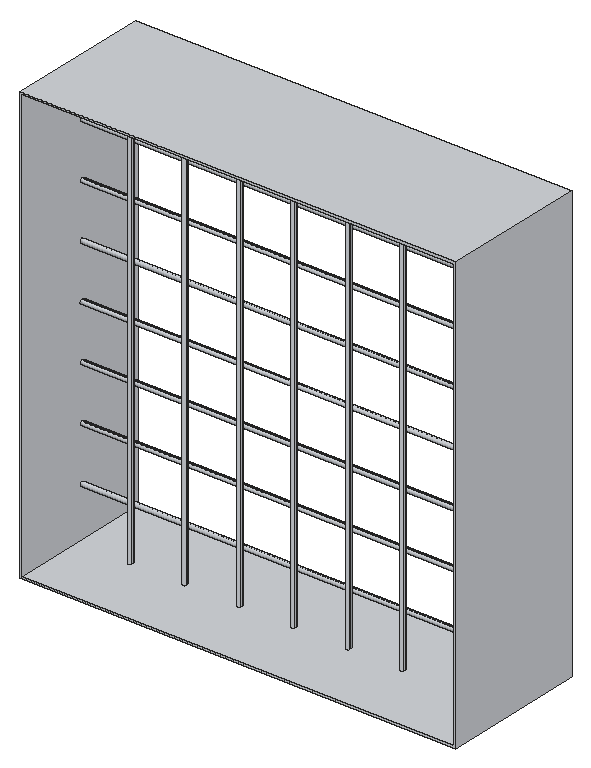
Revit family "BB-S", category Mechanical Equipment, Revit 2015
Parameters
  VBar Number [instance] = (Bar Width / 2) / Spacing  # 4
  URL = "https://unitedenertech.com/catalog/pdf/K_2%20BB-S.pdf"
  Type Comments = "Consult Factory for Max. Sizes"
  Spacing [instance] = 0' - 6"
  Model = "BB-S"
  Manufacturer = "United Enertech Corporation"
  Length (16" Standard) = 1' - 4"
  Keynote = "1-1/2\" x 1-1/2\" x 1/4\" Angles Ship Loose"
  HBar Number [instance] = (Bar Height / 2) / Spacing  # 4
  Exact Width = 4' - 0"
  Exact Height = 4' - 0"
  Description = "Security Bars"
  Bar Width [instance] = Exact Width - 0' 0 3/8"  # 3' - 11 5/8"
  Bar Height [instance] = Exact Height - 0' 0 3/8"  # 3' - 11 5/8"
Reference planes (in)
  plane 1 "Center (Front/Back)": y = 0
  plane 2: z = 0
  plane 3 "Center (Left/Right)": x = 0
  plane 4: z = 48
  plane 5: z = 24
  plane 6: x = -24
  plane 7: x = 24
  plane 8: y = 1.25
  plane 9: y = 0.75
  plane 10: x = -17.8125
  plane 11: z = 0.1875
  plane 12: z = 47.8125
  plane 13: x = -23.8125
  plane 14: x = 23.8125
  plane 15: y = 9
  plane 16: y = 1
  plane 17: y = -7
Forms (in)
  Extrusion 1, solid
    sketch origin (0, 0, 0) x (1, 0, 0) y (0, 0, 1)
      loop
        line (-24, 0) -> (24, 0) -> (24, 48) -> (-24, 48) -> (-24, 0)
      loop
        line (-23.8125, 0.1875) -> (23.8125, 0.1875) -> (23.8125, 47.8125) -> (-23.8125, 47.8125) -> (-23.8125, 0.1875)
    from -9 to 7
Dimensions and locks (in)
  equal spacing: plane 4, plane 5, level
  "Exact Height": plane 4 to level
  equal spacing: plane 6, plane 3 "Center (Left/Right)", plane 7
  "Exact Width": plane 6 to plane 7
  locked: plane 9 to plane 1 "Center (Front/Back)" at 0.75
  equal spacing: group 1, group 2, group 4, group 13  (x3)
  "Spacing": nested 1 to nested 3
  equal spacing: group 14, group 5, group 3, group 1
  equal spacing: group 1, group 3, group 5, group 14  (x2)
  "Spacing": nested 4 to nested 1
  equal spacing: group 6, group 7, group 8, group 11  (x2)
  equal spacing: group 11, group 8, group 7, group 6
  "Spacing": nested 2 to nested 7
  equal spacing: group 6, group 9, group 10, group 12  (x3)
  "Spacing": nested 9 to nested 2
  locked: plane 6 to plane 13 at 0.1875
  locked: plane 14 to plane 7 at 0.1875
  locked: plane 11 to level at 0.1875
  locked: plane 4 to plane 12 at 0.1875
  equal spacing: plane 8, plane 16, plane 9
  equal spacing: plane 17, plane 16, plane 15
  "Length (16" Standard)": plane 17 to plane 15
  aligned and locked: level to plane 2
  aligned and locked: plane 3 "Center (Left/Right)" to nested 1
  aligned and locked: nested 1 to plane 9
  aligned and locked: nested 2 to plane 8
  aligned and locked: plane 3 "Center (Left/Right)" to nested 2
  aligned and locked: plane 5 to nested 2
  aligned and locked: nested 1 to nested 3
  aligned and locked: nested 4 to nested 1
  aligned and locked: nested 7 to nested 2
  aligned and locked: nested 2 to nested 9
  aligned and locked: nested 1 to plane 11
  aligned and locked: Extrusion 1 sketch curve to level
  aligned and locked: plane 7 to Extrusion 1 sketch curve
  aligned and locked: plane 4 to Extrusion 1 sketch curve
  aligned and locked: Extrusion 1 sketch curve to plane 13
  aligned and locked: Extrusion 1 sketch curve to plane 12
  aligned and locked: Extrusion 1 sketch curve to plane 14
  aligned and locked: Extrusion 1 sketch curve to plane 11
  aligned and locked: plane 15 to Extrusion 1
  aligned and locked: plane 17 to Extrusion 1
Automatic sketch dimensions
  plane 6 to Extrusion 1 sketch curve = 0' - 0"
Nested families (in)
  nested 1: "VBar" at (0, 0.75, 0.1875), type "VBar"
    with H 3' - 11 5/8"
  nested 2: "HBar" at (0, 1.25, 23.76588), type "HBar"
    with W 3' - 11 5/8"
  nested 3: "VBar" at (6, 0.75, 0.1875), type "VBar"
    with H 3' - 11 5/8"
  nested 4: "VBar" at (-6, 0.75, 0.1875), type "VBar"
    with H 3' - 11 5/8"
  nested 5: "VBar" at (12, 0.75, 0.1875), type "VBar"
    with H 3' - 11 5/8"
  nested 6: "VBar" at (-12, 0.75, 0.1875), type "VBar"
    with H 3' - 11 5/8"
  nested 7: "HBar" at (0, 1.25, 17.76588), type "HBar"
    with W 3' - 11 5/8"
  nested 8: "HBar" at (0, 1.25, 11.76588), type "HBar"
    with W 3' - 11 5/8"
  nested 9: "HBar" at (0, 1.25, 29.76588), type "HBar"
    with W 3' - 11 5/8"
  nested 10: "HBar" at (0, 1.25, 35.76588), type "HBar"
    with W 3' - 11 5/8"
  nested 11: "HBar" at (0, 1.25, 5.76588), type "HBar"
    with W 3' - 11 5/8"
  nested 12: "HBar" at (0, 1.25, 41.76588), type "HBar"
    with W 3' - 11 5/8"
  nested 13: "VBar" at (18, 0.75, 0.1875), type "VBar"
    with H 3' - 11 5/8"
  nested 14: "VBar" at (-18, 0.75, 0.1875), type "VBar"
    with H 3' - 11 5/8"
Definition of nested family "VBar"
  Parameters (values of type "VBar")
    H = 2' - 11 1/2"
  Reference planes (in)
    plane 1 "Center (Front/Back)": y = 0
    plane 2: z = 0
    plane 3 "Center (Left/Right)": x = 0
    plane 4: z = 35.5
  Forms (in)
    Extrusion 1, solid
      sketch origin (0, 0, 0) x (1, 0, 0) y (0, 1, 0)
        loop
          arc (0.22701, 0.10472) -> (-0.25, 0) -> (0.22701, -0.10472) r 0.25
          line (0.22701, -0.10472) -> (0.22701, 0.10472)
      from 0 to 35.5
  Dimensions and locks (in)
    "H": plane 4 to level
    aligned and locked: level to plane 2
    aligned and locked: plane 4 to Extrusion 1
    aligned and locked: Extrusion 1 to level
  Automatic sketch dimensions
    plane 1 "Center (Front/Back)" to Extrusion 1 sketch curve = 0' - 0"
    Extrusion 1 sketch curve to plane 3 "Center (Left/Right)" = 0' - 0"
    plane 3 "Center (Left/Right)" to Extrusion 1 sketch curve = 0' - 0.22701"
    Extrusion 1 sketch curve to plane 1 "Center (Front/Back)" = 0' - 0.10472"
Definition of nested family "HBar"
  Parameters (values of type "HBar")
    W = 2' - 11 1/2"
    H = 4' - 0"
  Reference planes (in)
    plane 1 "Center (Front/Back)": y = 0
    plane 2: z = 0
    plane 3 "Center (Left/Right)": x = 0
    plane 4: x = -17.75
    plane 5: x = 17.75
  Forms (in)
    Extrusion 1, solid
      sketch origin (0, 0, 0) x (0, 1, 0) y (0, 0, 1)
        loop
          arc (-0.08768, 0.23412) -> (0, -0.25) -> (0.08768, 0.23412) r 0.25
          line (0.08768, 0.23412) -> (-0.08768, 0.23412)
      from -17.75 to 17.75
  Dimensions and locks (in)
    equal spacing: plane 5, plane 3 "Center (Left/Right)", plane 4
    "W": plane 5 to plane 4
    aligned and locked: level to plane 2
    aligned and locked: Extrusion 1 to plane 4
    aligned and locked: Extrusion 1 to plane 5
  Automatic sketch dimensions
    Extrusion 1 sketch curve to level = 0' - 0"
    Extrusion 1 sketch curve to plane 1 "Center (Front/Back)" = 0' - 0"
    plane 1 "Center (Front/Back)" to Extrusion 1 sketch curve = 0' - 0.08768"
    level to Extrusion 1 sketch curve = 0' - 0.23412"
